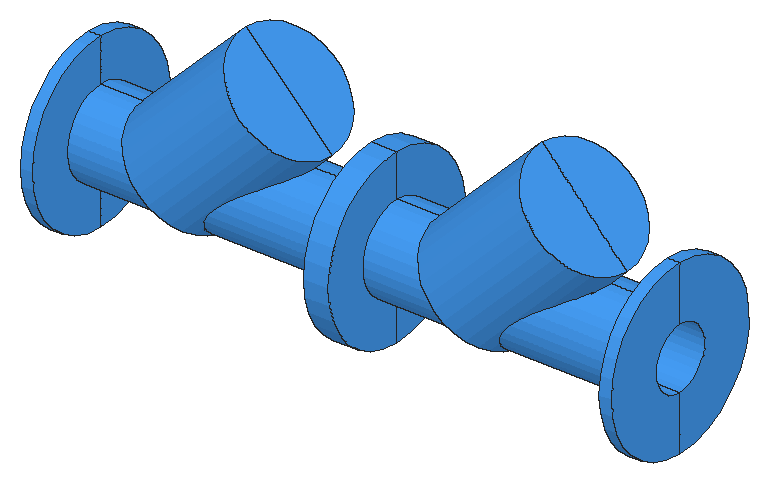
Revit family "Double_Check_Valve_Assemblies-LessShutoff-WATTS-LF709_Series", category Pipe Accessories, Revit 2016
Family settings
  Part Type = Valve - Breaks Into
  Round Connector Dimension = Use Radius
  OmniClass Number = 23.65.55.14.21
  OmniClass Title = Non-Return Valves for Liquid Services
  Work Plane-Based = No
  Always vertical = Yes
  Cut with Voids When Loaded = No
  Shared = Yes
Parameters (values of type "709-2.5"")
  Width = 6 5/8"
  Warranty Information = "1 Year (Limited)"  # constant formula
  URL = "http://www.watts.com"
  Region = "Oceania"  # constant formula
  Radius = 3 1/2"
  Product Page URL = "http://www.wattswater.com.au/goods_show.aspx?id=266"
  Product Documentation Link = "http://www.wattswater.com.au/lianjie/2.es-709l.pdf"
  Price = "Prices may vary. Please consult Manufacturer Representative for most up-to-date price list."  # constant formula
  Nominal Width = 2 3/4"
  Nominal Length = 24 1/8"
  Nominal Diameter = 4 243/256"
  Model = "709"  # constant formula
  Material = "Metal-WATTS-Epoxy Coated Cast Iron"  # constant formula
  Manufacturer Product Line = "Backflow Prevention"  # constant formula
  Manufacturer = "WATTS"  # constant formula
  Inlet Radius = 1 1/4"
  Description = "Lead Free Double Check Valve Assembly."  # constant formula
  Creation Date = "4/08/2020"  # constant formula
  Country = "Australia"  # constant formula
  Connection Size = Connection Radius * 2  # 2 1/2"
  Connection Radius = 1 1/4"
  Connection Outlet Description = "2 1/2\" Outlet Connection"
  Connection Inlet Description = "2 1/2\" Inlet Connection"
  Assembly Code = "F1050"
Types (7): name | Width | Radius | Nominal Width | Nominal Length | Nominal Diameter | Inlet Radius | Connection Size | Connection Radius | Connection Outlet Description | Connection Inlet Description
  (no name) | 6 5/8" | 3 1/2" | 2 3/4" | 24 1/8" | 4 243/256" | 1 1/4" | 2 1/2" | 1 1/4" | "2 1/2\" Outlet Connection" | "2 1/2\" Inlet Connection"
  709-2.5" | 6 5/8" | 3 1/2" | 2 3/4" | 24 1/8" | 4 243/256" | 1 1/4" | 2 1/2" | 1 1/4" | "2 1/2\" Outlet Connection" | "2 1/2\" Inlet Connection"
  709-3" | 7 1/8" | 3 3/4" | 2 3/4" | 24 1/8" | 4 243/256" | 1 1/4" | 2 1/2" | 1 1/4" | "3\" Outlet Connection" | "3\" Inlet Connection"
  709-4" | 8 1/8" | 4 1/2" | 3 1/2" | 34 1/8" | 7 1/16" | 2" | 2 1/2" | 1 1/4" | "4\" Outlet Connection" | "4\" Inlet Connection"
  709-6" | 9 7/8" | 5 1/2" | 4 3/4" | 41 1/8" | 9 29/32" | 3" | 6" | 3" | "6\" Outlet Connection" | "6\" Inlet Connection"
  709-8" | 10 1/2" | 6 1/2" | 5 1/2" | 52" | 12 23/32" | 4" | 8" | 4" | "8\" Outlet Connection" | "8\" Inlet Connection"
  709-10" | 12" | 8" | 6 1/4" | 64" | 15 9/16" | 5" | 10" | 5" | "10\" Outlet Connection" | "10\" Inlet Connection"
Reference planes (in)
  plane 1 "Center (Front/Back)": y = 0
  plane 2: z = 0
  plane 3 "Center (Left/Right)": x = 0
  plane 4: z = 1.25
  plane 5: x = -12.0625
  plane 6: x = 12.0625
  plane 7: z = 3.5
  plane 8: x = -5.65625
  plane 9: x = -9.8125
  plane 10: x = -1.5
  plane 11: x = 2.25
  plane 12: x = 10.5625
  plane 13: x = 6.40625
  plane 14: z = 1.75
  plane 15: z = 1.75
  plane 16: y = 3.3125
  plane 17: y = -3.3125
  plane 18: y = 3.5
  plane 19: y = -3.5
  plane 20: y = 1.25
  plane 21: y = -1.25
Forms (in)
  Revolve 1, solid, material "Metal-WATTS-Epoxy Coated Cast Iron"
    sketch origin (0, 0, 0) x (1, 0, 0) y (0, 0, 1)
      loop
        line (-12.0625, 1.25) -> (12.0625, 1.25) -> (12.0625, 3.5) -> (11.5625, 3.5) -> (11.5625, 1.75) -> (0.5, 1.75) -> (0.5, 3.5) -> (-0.5, 3.5) -> (-0.5, 1.75) -> (-11.5625, 1.75) -> (-11.5625, 3.5) -> (-12.0625, 3.5) -> (-12.0625, 1.25)
      axis (-12.0625, 0) -> (12.0625, 0)
    angle from 0 to 360
  Revolve 2, solid, material "Metal-WATTS-Epoxy Coated Cast Iron"
    sketch origin (0, 0, 0) x (1, 0, 0) y (0, 0, 1)
      loop
        line (-9.8125, 1.75) -> (-8.0625, 0) -> (-3.90625, 4.15625) -> (-5.65625, 5.90625) -> (-9.8125, 1.75)
      axis (-8.0625, 0) -> (-3.90625, 4.15625)
    angle from 0 to 360
  Revolve 3, solid, material "Metal-WATTS-Epoxy Coated Cast Iron"
    sketch origin (0, 0, 0) x (1, 0, 0) y (0, 0, 1)
      loop
        line (2.25, 1.75) -> (4, 0) -> (8.15625, 4.15625) -> (6.40625, 5.90625) -> (2.25, 1.75)
      axis (4, 0) -> (8.15625, 4.15625)
    angle from 0 to 360
Lines and regions (in)
  Masking region 1
    outline origin (0, 0, 0) x (1, 0, 0) y (0, 1, 0)
      loop
        line (-12.0625, -3.5) -> (-11.5625, -3.5) -> (-11.5625, -1.75) -> (-9.8125, -1.75) -> (-9.8125, -2.47461) -> (-2.5, -2.47461) -> (-2.5, -1.75) -> (-0.5, -1.75) -> (-0.5, -3.5) -> (0.5, -3.5) -> (0.5, -1.75) -> (2.25, -1.75) -> (2.25, -2.47461) -> (9.5625, -2.47461) -> (9.5625, -1.75) -> (11.5625, -1.75) -> (11.5625, -3.5) -> (12.0625, -3.5) -> (12.0625, 3.5) -> (11.5625, 3.5) -> (11.5625, 1.75) -> (9.5625, 1.75) -> (9.5625, 2.47461) -> (2.25, 2.47461) -> (2.25, 1.75) -> (0.5, 1.75) -> (0.5, 3.5) -> (-0.5, 3.5) -> (-0.5, 1.75) -> (-2.5, 1.75) -> (-2.5, 2.47461) -> (-9.8125, 2.47461) -> (-9.8125, 1.75) -> (-11.5625, 1.75) -> (-11.5625, 3.5) -> (-12.0625, 3.5) -> (-12.0625, -3.5)
  symbolic lines, detail levels medium+fine
    curve 1: line (-9.8125, 1.75, 0) -> (-9.8125, -1.75, 0)
    curve 2: line (2.25, 1.75, 0) -> (2.25, -1.75, 0)
    curve 3: line (-2.5, 1.75, 0) -> (-2.5, -1.75, 0)
    curve 4: line (-11.5625, 1.75, 0) -> (-11.5625, -1.75, 0)
    curve 5: line (-0.5, 1.75, 0) -> (-0.5, -1.75, 0)
    curve 6: line (0.5, -1.75, 0) -> (0.5, 1.75, 0)
    curve 7: line (11.5625, 1.75, 0) -> (11.5625, -1.75, 0)
    curve 22: line (9.5625, 1.75, 0) -> (9.5625, -1.75, 0)
  symbolic lines, detail levels fine
    curve 8: line (0, 3.5, 0) -> (0, -3.5, 0)
  model lines, detail levels coarse+medium
    curve 9: line (-3.75, 1.5, 0) -> (0, -1.5, 0)
    curve 10: line (0, 1.5, 0) -> (3.75, -1.5, 0)
    curve 11: line (0, -1.5, 0) -> (0, 1.5, 0)
    curve 12: line (9.25, 1.5, 0) -> (3.75, -1.5, 0)
    curve 13: line (9.25, -1.5, 0) -> (3.75, 1.5, 0)
    curve 14: line (3.75, 1.5, 0) -> (3.75, -1.5, 0)
    curve 15: line (9.25, 1.5, 0) -> (9.25, -1.5, 0)
    curve 16: line (12.0625, 0, 0) -> (9.25, 0, 0)
    curve 17: line (-9.25, 1.5, 0) -> (-3.75, -1.5, 0)
    curve 18: line (-9.25, -1.5, 0) -> (-3.75, 1.5, 0)
    curve 19: line (-3.75, 1.5, 0) -> (-3.75, -1.5, 0)
    curve 20: line (-9.25, 1.5, 0) -> (-9.25, -1.5, 0)
    curve 21: line (-12.0625, 0, 0) -> (-9.25, 0, 0)
Dimensions and locks (in)
  "Nominal Length": plane 6 to plane 5
  equal spacing: plane 6, plane 3 "Center (Left/Right)", plane 5
  "Radius": plane 7 to level
  "Inlet Radius": plane 4 to level
  Revolve 1 sketch curve to plane 3 "Center (Left/Right)" to Revolve 1 sketch curve = 1/2", 1/2"
  locked: plane 9 to plane 5 at 2.25
  locked: plane 10 to plane 3 "Center (Left/Right)" at 1.5
  equal spacing: plane 10, plane 8, plane 9
  locked: plane 11 to plane 3 "Center (Left/Right)" at 2.25
  locked: plane 6 to plane 12 at 1.5
  equal spacing: plane 12, plane 13, plane 11
  locked: plane 14 to plane 4 at 0.5
  locked: plane 15 to plane 4 at 0.5
  "Width": plane 16 to plane 17
  equal spacing: plane 16, plane 1 "Center (Front/Back)", plane 17
  "Radius": plane 1 "Center (Front/Back)" to plane 18
  "Radius": plane 19 to plane 1 "Center (Front/Back)"
  "Inlet Radius": plane 1 "Center (Front/Back)" to plane 20
  "Inlet Radius": plane 21 to plane 1 "Center (Front/Back)"
  "Nominal Diameter": Masking region 1 sketch curve to Masking region 1 sketch curve
  equal spacing: Masking region 1 sketch curve, plane 1 "Center (Front/Back)", Masking region 1 sketch curve
  locked: plane 5 to Masking region 1 sketch curve at 2.25
  locked: Masking region 1 sketch curve to plane 3 "Center (Left/Right)" at 2.5
  locked: plane 3 "Center (Left/Right)" to Masking region 1 sketch curve at 2.25
  locked: Masking region 1 sketch curve to plane 6 at 2.5
  Revolve 1 sketch curve to plane 6 = 1/2"
  locked: Revolve 1 sketch curve to plane 5 at 0.5
  locked: level to Revolve 2 sketch curve (angle 45.00°)
  locked: level to Revolve 3 sketch curve (angle 45.00°)
  aligned and locked: Revolve 1 sketch curve to Revolve 1 sketch curve  (x2)
  aligned and locked: plane 14 to Revolve 2 sketch curve
  aligned and locked: plane 9 to Revolve 2 sketch curve
  aligned and locked: plane 8 to Revolve 2 sketch curve
  aligned and locked: level to Revolve 2 sketch curve
  aligned and locked: Revolve 2 sketch curve to Revolve 2 sketch curve
  aligned and locked: plane 11 to Revolve 3 sketch curve
  aligned and locked: level to Revolve 3 sketch curve
  aligned and locked: Revolve 3 sketch curve to Revolve 3 sketch curve
  aligned and locked: Masking region 1 sketch curve to Masking region 1 sketch curve  (x10)
  aligned and locked: Masking region 1 sketch curve to plane 19
  aligned and locked: Masking region 1 sketch curve to Revolve 1  (x5)
  aligned and locked: Revolve 1 to Masking region 1 sketch curve  (x2)
  aligned and locked: plane 6 to Revolve 1 sketch curve
  aligned and locked: Revolve 1 sketch curve to plane 5
  aligned and locked: Masking region 1 to curve 4
  aligned and locked: curve 4 to Masking region 1
  aligned and locked: curve 3 to Masking region 1  (x2)
  aligned and locked: Masking region 1 to curve 7
  aligned and locked: Masking region 1 to curve 3
  aligned and locked: curve 7 to Masking region 1
  aligned and locked: Masking region 1 to curve 1  (x2)
  aligned and locked: Masking region 1 to curve 6
  aligned and locked: curve 2 to Masking region 1
  aligned and locked: curve 5 to Masking region 1
  aligned and locked: Masking region 1 to curve 5
  aligned and locked: curve 1 to Masking region 1
  aligned and locked: curve 6 to Masking region 1
  aligned and locked: Masking region 1 to curve 2
  aligned and locked: Masking region 1 to curve 8  (x2)
  aligned and locked: curve 15 to curve 16
  aligned and locked: curve 20 to curve 21
  aligned and locked: plane 3 "Center (Left/Right)" to curve 11
  aligned and locked: plane 1 "Center (Front/Back)" to curve 21
  aligned and locked: curve 16 to plane 1 "Center (Front/Back)"
  aligned and locked: plane 5 to curve 21
  aligned and locked: plane 6 to curve 16
  aligned and locked: curve 22 to Masking region 1  (x2)
  aligned and locked: Masking region 1 to curve 22
  aligned and locked: Masking region 1 to Masking region 1  (x2)
Automatic sketch dimensions
  Revolve 2 sketch curve to plane 14 = 0.0953"
  Revolve 3 sketch curve to plane 13 = 0"
  Revolve 3 sketch curve to plane 15 = 0"
  plane 15 to Revolve 3 sketch curve = 0.19454"
  plane 3 "Center (Left/Right)" to Masking region 1 sketch curve = 1/2"
  plane 21 to Masking region 1 sketch curve = 1/2"  (x4)
  Masking region 1 sketch curve to plane 5 = 0"
  Masking region 1 sketch curve to plane 6 = 0"
  plane 18 to Masking region 1 sketch curve = 0"  (x2)
  Masking region 1 sketch curve to plane 19 = 0"
  Masking region 1 sketch curve to plane 20 = 1/2"  (x2)
  Revolve 1 sketch curve to level = 0"
  Revolve 1 sketch curve to Revolve 1 sketch curve = 1/2"
  Revolve 1 sketch curve to Revolve 1 sketch curve = 5 1/2"
  Revolve 1 sketch curve to plane 4 = 0"
  Revolve 1 sketch curve to plane 7 = 0"
  plane 4 to Revolve 1 sketch curve = 1/2"
  Revolve 1 sketch curve to plane 5 = 35 1/8"
  curve 8 to plane 3 "Center (Left/Right)" = 0"
  curve 1 to curve 20 = 9/16"
  curve 9 to plane 1 "Center (Front/Back)" = 1 1/2"
  curve 9 to curve 3 = 1 1/4"
  plane 1 "Center (Front/Back)" to curve 14 = 1 1/2"
  curve 9 to curve 14 = 3 3/4"
  curve 3 to curve 19 = 1/4"
  curve 1 to curve 20 = 1/4"
  curve 5 to curve 11 = 1/4"
  curve 20 to curve 1 = 1/4"
  curve 14 to plane 1 "Center (Front/Back)" = 1 1/2"
  curve 11 to curve 5 = 1/4"
  plane 5 to curve 4 = 1/2"
  curve 5 to plane 3 "Center (Left/Right)" = 1/2"
  plane 3 "Center (Left/Right)" to curve 6 = 1/2"
  curve 2 to curve 10 = 1 1/2"
  curve 12 to curve 22 = 5/16"
  plane 6 to curve 7 = 1/2"
  curve 22 to curve 13 = 1/4"
  curve 12 to curve 22 = 1/4"
Connectors (in)
  piping at (-12.0625, 0, 0), diameter 2.5, driven by "Connection Radius", driven by "Connection Inlet Description"
    settings: on Revolve 1, index 3, connector inside diameter 24", connector length 0", flow factor 0, pipe flow 0 GPM, pressure drop 0.00 psi, fitting loss kfactor 0, connector angle 0.00°, fixture units 0, engagement length 0", angle of deflection 0.00°, flow configuration 0, flow direction 1, fitting loss method 0, system type 29, joint type 0, gender type 0, connector reference index -1, connector utility 0, adjustable connector no, is connector primary yes, connector description "2 1/2\" Inlet Connection"
  piping at (12.0625, 0, 0), diameter 2.5, driven by "Connection Radius", driven by "Connection Outlet Description"
    settings: on Revolve 1, index 4, connector inside diameter 24", connector length 0", flow factor 0, pipe flow 0 GPM, pressure drop 0.00 psi, fitting loss kfactor 0, connector angle 0.00°, fixture units 0, engagement length 0", angle of deflection 0.00°, flow configuration 0, flow direction 2, fitting loss method 0, system type 29, joint type 0, gender type 0, connector reference index -1, connector utility 0, adjustable connector no, is connector primary no, connector description "2 1/2\" Outlet Connection"
